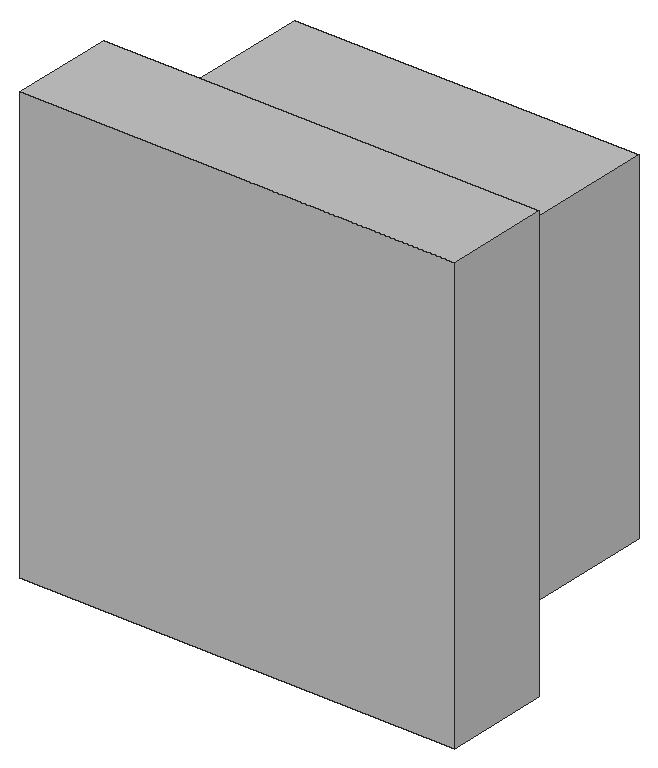
Revit family "efg-25_40kdsb2_50Hz", category 機械設備, Revit 2019
Family settings
  丸型コネクタ寸法 = 直径を使用
  パーツ タイプ = 標準
  OmniClass 番号 = 23.75.35.21.17
  OmniClass タイトル = Industrial Ventilating Equipment
  作業面ベース = いいえ
  常に垂直 = はい
  ロード時にボイドで切り取り = はい
  共有 = いいえ
  部屋計算ポイント = はい
Parameters (values of type "EFG-25KDSB2")
  騒音レベル(dB(A)) [instance] = 37.5
  風量 [instance] = 1040.0 m³/h
  電源種別 [instance] = ""
  電圧 = 100 V
  電動機出力 = 25 W
  電動機_種別 [instance] = ""
  運転質量 = 0.00 kg
  連動 [instance] = ""
  質量 = if(製品質量 > 運転質量, 製品質量, 運転質量) * 1.2  # 6.24 kg
  負荷分類 = 3_ファン類
  説明 = "業務用有圧換気扇 耐湿形"
  設計風量 [instance] = 0.0 m³/h
  設置方法 = "壁付"
  記号 [instance] = ""
  製造元 = "三菱電機株式会社"
  製品質量 = 5.20 kg
  製品出荷対象 = "国内"
  製品リリース年月 = "2022年6月1日"
  製品グループ = ""
  羽根径 = "∅250"
  系統 [instance] = ""
  符号 [instance] = if(☑給気／□排気, "FS", "FE")  # "FE"
  積算_科目 = ""
  積算_拾い区分 [instance] = ""
  相 = 1
  盤記号 [instance] = ""
  盤工事区分 = ""
  発停方法 [instance] = ""
  特殊仕様 [instance] = ""
  火災停止 [instance] = ""
  消費電力 = 36 W
  法定耐用年数 = "15"
  極数 = 2
  極 = 4
  材質 [instance] = ""
  操作・制御方式 = ""
  操作・制御スイッチ = ""
  排気量 [instance] = if(☑給気／□排気, 0.0 m³/h, 設計風量)  # 0.0 m³/h
  形式 = ""
  幹線記号 [instance] = ""
  対象室 [instance] = ""
  実風量 [instance] = 0.0 m³/h
  始動方式 [instance] = "直入"
  外気量 [instance] = if(☑給気／□排気, 設計風量, 0.0 m³/h)  # 0.0 m³/h
  呼称 = "有圧扇"
  周波数 = 50 Hz
  参照している仕様書等のバージョン = ""
  分類コード = "50052503100110"
  分類グループ = ""
  価格 = 75900
  企業コード = "108420"
  付属品_防振装置 = ""
  付属品 [instance] = ""
  仕様書バージョン = "Version1.0"
  モデル = "EFG-25KDSB2"
  ファンの種類 = "軸流羽根"
  コメント [instance] = ""
  Keynote = ""
  ☑給気／□排気 [instance] = no
  Width = 372 mm
  W1 = 294 mm
  Version = ""
  Uniclass2015Version = "Systems v1.9"
  Uniclass2015Title = "Propeller fans"
  Uniclass2015Code = "Pr_65_67_29_67"
  URL = "https://www.mitsubishielectric.co.jp/ldg/wink/ssl/displayProduct.do?pid=318505"
  SpecificationReference = ""
  SpecificationDescription = ""
  Revision = ""
  ProductInformation = ""
  OmniClassCode = "23-33 31 19 11 17"
  MIN風量 = 0.0 m³/h
  MID風量 = 0.0 m³/h
  MAX風量 = 1040.0 m³/h
  IfcTypeProduct = ""
  IfcProduct = ""
  IfcExportType = "TUBEAXIAL"
  IfcExportAs = "IfcFanType"
  Height = 372 mm
  H1 = 294 mm
  Depth = 245 mm
  D1 = 155 mm
  Author = "三菱電機株式会社"
Types (4, lengths in mm): name | 騒音レベル(dB(A)) | 風量 | 電動機出力 | 質量 | 製品質量 | 羽根径 | 消費電力 | 価格 | モデル | Width | W1 | URL | MAX風量 | Height | H1 | Depth | D1
  EFG-25KDSB2 | 37.5 | 1040.0 m³/h | 25 W | 6.24 kg | 5.20 kg | "∅250" | 36 W | 75900 | "EFG-25KDSB2" | 372 | 294 | "https://www.mitsubishielectric.co.jp/ldg/wink/ssl/displayProduct.do?pid=318505" | 1040.0 m³/h | 372 | 294 | 245 | 155
  EFG-30KDSB2 | 43.5 | 1640.0 m³/h | 50 W | 7.92 kg | 6.60 kg | "∅300" | 47 W | 93000 | "EFG-30KDSB2" | 422 | 344 | "https://www.mitsubishielectric.co.jp/ldg/wink/ssl/displayProduct.do?pid=318564" | 1640.0 m³/h | 422 | 344 | 265 | 155
  EFG-35KDSB2 | 49 | 2420.0 m³/h | 100 W | 12.48 kg | 10.40 kg | "∅350" | 86 W | 135000 | "EFG-35KDSB2" | 484 | 399 | "https://www.mitsubishielectric.co.jp/ldg/wink/ssl/displayProduct.do?pid=318571" | 2420.0 m³/h | 484 | 399 | 275 | 155
  EFG-40KDSB2 | 53.5 | 3500.0 m³/h | 150 W | 20.28 kg | 16.90 kg | "∅400" | 140 W | 174000 | "EFG-40KDSB2" | 520 | 423 | "https://www.mitsubishielectric.co.jp/ldg/wink/ssl/displayProduct.do?pid=318576" | 3500.0 m³/h | 520 | 423 | 341 | 159
Reference planes
  plane 1 "中心(正面/背面)": y = 0
  plane 2: z = 0
  plane 3 "中心(左/右)": x = 0
  plane 4: z = 0
  plane 5: through (-212.884, -1524, -243.751) normal (0.6508, 0, 0.7593)
  plane 6: through (208.307, -1524, -247.63) normal (-0.6508, 0, 0.7593)
  plane 7 "正面": y = -90
  plane 8: through (-208.307, -1524, -247.63) normal (-0.6508, 0, -0.7593)
  plane 9: y = 160
  plane 10: y = 260
  plane 11: x = -186
  plane 12: x = 186
  plane 13: z = 186
  plane 14: x = -147
  plane 15: z = 147
  plane 16: z = -186
  plane 17: z = -147
  plane 18: x = 147
  plane 19: y = 155
Forms (mm)
  Extrusion 1, solid, detail levels fine
    sketch origin (0, 0, 0) x (1, 0, 0) y (0, 0, 1)
      loop
        line (-186, 186) -> (-186, -186) -> (186, -186) -> (186, 186) -> (-186, 186)
    from 0 to 90
  Extrusion 2, solid, detail levels fine
    sketch origin (0, 0, 0) x (1, 0, 0) y (0, 0, 1)
      loop
        line (-147, 147) -> (-147, -147) -> (147, -147) -> (147, 147) -> (-147, 147)
    from -155 to 0
Lines and regions (mm)
  Masking region 1, detail levels coarse+medium
    outline origin (0, 0, 0) x (1, 0, 0) y (0, 1, 0)
      loop
        line (-250, -90) -> (250, -90) -> (250, 160) -> (-250, 160) -> (-250, -90)
  Masking region 2, detail levels coarse+medium
    outline origin (0, 0, 0) x (1, 0, 0) y (0, 1, 0)
      loop
        line (-124, 160) -> (124, 160) -> (124, 260) -> (-124, 260) -> (-124, 160)
  symbolic lines, detail levels coarse+medium
    curve 1: circle (124, -96, 0) r 115 normal (0, 0, 1)
    curve 2: circle (-124, -96, 0) r 115 normal (0, 0, -1)
Dimensions and locks
  level to plane 4 = 0 mm
  plane 7 "正面" to plane 9 to plane 10 = 250 mm locked, 100 mm locked
  equal spacing: plane 18, plane 3 "中心(左/右)", plane 14
  "W1": plane 18 to plane 14
  equal spacing: plane 12, plane 3 "中心(左/右)", plane 11
  "Width": plane 12 to plane 11
  equal spacing: plane 15, level, plane 17
  "H1": plane 15 to plane 17
  equal spacing: plane 13, level, plane 16
  "Height": plane 13 to plane 16
  "D1": plane 1 "中心(正面/背面)" to plane 19
  "Depth": plane 7 "正面" to plane 19
  aligned and locked: level to plane 2
  aligned and locked: plane 7 "正面" to Masking region 1 sketch curve
  aligned and locked: plane 9 to Masking region 1 sketch curve
  aligned and locked: Masking region 2 sketch curve to plane 9
  aligned and locked: plane 10 to Masking region 2 sketch curve
  aligned and locked: Extrusion 1 sketch curve to plane 13
  aligned and locked: plane 11 to Extrusion 1 sketch curve
  aligned and locked: Extrusion 1 sketch curve to plane 16
  aligned and locked: plane 12 to Extrusion 1 sketch curve
  aligned and locked: Extrusion 2 sketch curve to plane 15
  aligned and locked: plane 14 to Extrusion 2 sketch curve
  aligned and locked: Extrusion 2 sketch curve to plane 17
  aligned and locked: plane 18 to Extrusion 2 sketch curve
  aligned and locked: plane 19 to Extrusion 2
  aligned and locked: plane 1 "中心(正面/背面)" to Extrusion 2
  aligned and locked: plane 7 "正面" to Extrusion 1
  aligned and locked: Extrusion 1 to plane 1 "中心(正面/背面)"
Automatic sketch dimensions
  curve 2 to plane 3 "中心(左/右)" = 124 mm
  plane 3 "中心(左/右)" to curve 1 = 124 mm
  Masking region 1 sketch curve to plane 3 "中心(左/右)" = 250 mm
  plane 3 "中心(左/右)" to Masking region 1 sketch curve = 250 mm
  Masking region 2 sketch curve to plane 3 "中心(左/右)" = 124 mm
  plane 3 "中心(左/右)" to Masking region 2 sketch curve = 124 mm
  plane 7 "正面" to curve 2 = 6 mm
  plane 7 "正面" to curve 1 = 6 mm
  radius of curve 1 = 115 mm
  radius of curve 2 = 115 mm
Connectors
  electrical at (-186, -45, 0), driven by "極数", driven by "負荷分類", driven by "電圧", driven by "消費電力"
    settings: on Extrusion 1, index 1, voltage 100 V, apparent load 36 VA, apparent load phase1 0 VA, apparent load phase2 0 VA, apparent load phase3 0 VA, power factor 1, load classification "3_ファン類", number of poles 2, system type 30, power factor state 1, is connector primary yes, connector utility no, sub classification motor no, connector description ""
